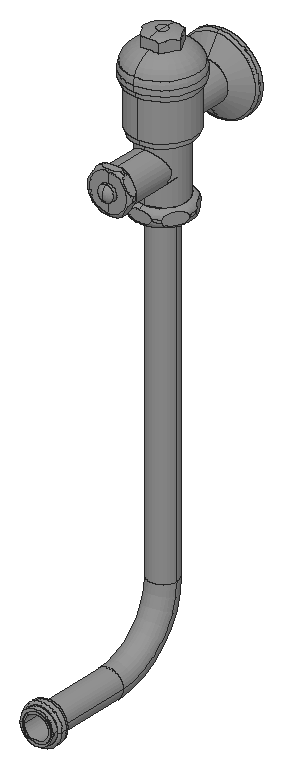
Revit family "LIXIL - FM2-100 N - COBRA FLUSH MASTER TOILET FLUSH VALVE", category Plumbing Fixtures, Revit 2023
Family settings
  Round Connector Dimension = Use Diameter
  Part Type = Normal
  OmniClass Number = 23.45.00.00
  OmniClass Title = Sanitary, Laundry, and Cleaning Equipment
  Work Plane-Based = No
  Enable Cutting in Views = No
  Always vertical = Yes
  Cut with Voids When Loaded = No
  Maintain Annotation Orientation = No
  Shared = Yes
  Room Calculation Point = No
Parameters (values of type "FM2-100 N")
  Product Specification = "Supplier: Lixil.\r\nProduct description: Exposed back entry. Non-hold open feature. With wall flange, integral vacuum breaker, and butterfly control inlet. With bent flush pipe and rubber pan connector. 1 1/4BSP female iron connection end. Recommended optimum design pressures: inlet flow pressure 30 - 300kPa for back entry WC pans: Maximum system pressure 600kPa.\r\nProduct Code: FFUUSBFM-0GT01\r\nSKU Code: FM2-100/N\r\nBarcode: 6002194021025\r\nBrand: Cobra\r\nRange: Flush Master\r\nCategory: Flush Valves\r\nSub-Category: Toilets\r\nColour: Chrome\r\nPackage Height: 80 mm\r\nPackage Width: 210 mm\r\nPackage Length: 400 mm\r\nPackage Volume: 6720000 mm³\r\nPackage Weight: 2.46 kg\r\n\r\nNotes:\r\n- Refer to manufacturer's and supplier's installation, maintenance and cleaning manual.\r\n- Refer to manufacturer's and supplier's guarantees and warrantees document."
  M _ RUBBER _ BLACK _ SOFT = M _ LIXIL - RUBBER - BLACK 01
  M _ FLUSH VALVE BODY = M _ LIXIL - CHROME 01
  M _ FLUSH PIPE _ CHROME = M _ LIXIL - CHROME 01
  Hosted on lixil.co.za = "https://www.lixil.co.za/item/cobra-flush-master-valve-flush-toilet-chrome-13"
  HEIGHT - 125MM - 415MM MAX = 350 mm
  Description = "Cobra Flush Master Toilet Flush Valve to detail and spec. See sanware schedule. Available from Lixil."
  Default Elevation = 0 mm
  DEPTH - 70MM - 140MM MAX = 140 mm
Reference planes
  plane 1 "Center (Front/Back)": y = 0
  plane 2: z = 0
  plane 3 "Center (Left/Right)": x = 0
  plane 4 "Center L/S": y = -207
  plane 5: z = 350
  plane 6: z = 391.656
  plane 7 "Center L/U": y = -67
Dimensions and locks
  "DEPTH - 70MM - 140MM MAX": plane 4 "Center L/S" to plane 7 "Center L/U"
  "HEIGHT - 125MM - 415MM MAX": level to plane 5
  locked: plane 6 to plane 5 at 41.656
  locked: plane 7 "Center L/U" to plane 1 "Center (Front/Back)" at 67
  locked: connector elem to plane 6 at 40.309
  aligned and locked: level to plane 2
  aligned and locked: level to nested 2
  aligned and locked: nested 2 to plane 7 "Center L/U"
  aligned and locked: plane 1 "Center (Front/Back)" to nested 1
  aligned and locked: plane 1 "Center (Front/Back)" to nested 3
  aligned and locked: plane 5 to nested 3
Nested families
  nested 1: "PLACEHOLDER" at (0, 0, -12.7), H <- "HEIGHT - 125MM - 415MM MAX", D <- "DEPTH - 70MM - 140MM MAX", type "01", detail levels coarse
    with W 70 mm, H 350 mm, D 140 mm
  nested 2: "Family1" at (0, -67, 0), type "Family1", detail levels medium+fine
    with HEIGHT - 125MM - 415MM MAX 350 mm
  nested 3: "BODY" at (0, -67, 350) x (0, 1, 0) z (0, 0, 1), type "BODY", detail levels medium+fine
Connectors
  piping at (-0.076, 0, 431.965), diameter 15
    settings: index 2, connector inside diameter 609.6 mm, connector length 0 mm, flow factor 0, pipe flow 0.0 L/s, pressure drop 0.0 Pa, fitting loss kfactor 0, connector angle 0.00°, fixture units 0, engagement length 0 mm, angle of deflection 0.00°, flow configuration 0, flow direction 0, fitting loss method 0, system type 20, joint type 0, gender type 0, connector reference index -1, connector utility 0, adjustable connector no, is connector primary yes, connector description ""
Definition of nested family "PLACEHOLDER"
  Parameters (values of type "01")
    W [instance] = 260.392 mm
    H [instance] = 470.882 mm
    Default Elevation = 0 mm
    D [instance] = 240.391 mm
  Reference planes
    plane 1 "Center (Front/Back)": y = 0
    plane 2: z = 0
    plane 3 "Center (Left/Right)": x = 0
    plane 4: y = -240.391
    plane 5: x = -130.196
    plane 6: x = 130.196
    plane 7: z = 470.882
    plane 8: z = 629.482
    plane 9: y = -307.391
  Forms (mm)
    Extrusion 1, solid
      sketch origin (0, 0, 0) x (1, 0, 0) y (0, 1, 0)
        loop
          line (-130.196, 0) -> (-130.196, -307.391) -> (130.196, -307.391) -> (130.196, 0) -> (-130.196, 0)
      from 0 to 629.482
  Dimensions and locks
    "D": plane 4 to plane 1 "Center (Front/Back)"
    equal spacing: plane 5, plane 3 "Center (Left/Right)", plane 6
    "W": plane 5 to plane 6
    "H": plane 7 to level
    locked: plane 8 to plane 7 at 158.6
    locked: plane 9 to plane 4 at 67
    aligned and locked: level to plane 2
    aligned and locked: Extrusion 1 sketch curve to plane 5
    aligned and locked: Extrusion 1 sketch curve to plane 1 "Center (Front/Back)"
    aligned and locked: Extrusion 1 sketch curve to plane 6
    aligned and locked: Extrusion 1 to level
    aligned and locked: plane 8 to Extrusion 1
    aligned and locked: Extrusion 1 sketch curve to plane 9
Definition of nested family "Family1"
  Parameters (values of type "Family1")
    RADIUS 01 = 60 mm
    M _ RUBBER _ BLACK _ SOFT = none
    M _ FLUSH PIPE _ CHROME = none
    HEIGHT - 125MM - 415MM MAX = 415 mm
    Default Elevation = 0 mm
    DEPTH - 70MM - 140MM MAX = 140 mm
  Reference planes
    plane 1 "Center (Front/Back)": y = 0
    plane 2: z = 0
    plane 3 "Center (Left/Right)": x = 0
    plane 4: z = 415
    plane 5: y = -140
  Forms (mm)
    Sweep 1, solid, material <- "M _ FLUSH PIPE _ CHROME"
      path origin (0, 0, 0) x (0, 1, 0) y (0, 0, 1)
        loop
          line (0, 415) -> (0, 60)
          arc (0, 60) -> (-17.574, 17.574) -> (-60, 0) r 60
          line (-60, 0) -> (-140, 0)
      profile origin (0, 0, 237.5) x (1, 0, 0) y (0, 1, 0)
        loop
          circle (0, 0) r 12.7
        loop
          circle (0, 0) r 10.7
  Dimensions and locks
    "DEPTH - 70MM - 140MM MAX": plane 1 "Center (Front/Back)" to plane 5
    "HEIGHT - 125MM - 415MM MAX": plane 4 to level
    "RADIUS 01": radius of Sweep 1 sketch curve
    aligned and locked: level to plane 2
    aligned and locked: plane 1 "Center (Front/Back)" to Sweep 1 sketch curve
    aligned and locked: level to Sweep 1 sketch curve
    aligned and locked: plane 5 to nested 1
    aligned and locked: plane 3 "Center (Left/Right)" to nested 1
  Automatic sketch dimensions
    Sweep 1 sketch curve to plane 3 "Center (Left/Right)" = 0 mm
    profile plane to Sweep 1 sketch curve = 0 mm
    Sweep 1 sketch curve to Sweep 1 sketch curve = 0 mm  (x2)
    Sweep 1 sketch curve to plane 5 = 0 mm
    Sweep 1 sketch curve to plane 4 = 0 mm
    radius of Sweep 1 sketch curve = 12.7 mm
    radius of Sweep 1 sketch curve = 10.7 mm
  Nested families
    nested 1: "RUBBER 02" at (0, -130.5, 0), type "01"
  Definition of nested family "RUBBER 02"
    Parameters (values of type "Family2")
      M _ RUBBER _ BLACK _ SOFT = none
      Default Elevation = 0 mm
    Reference planes
      plane 1 "Center (Front/Back)": y = 0
      plane 2: z = 0
      plane 3 "Center (Left/Right)": x = 0
      plane 4: y = 5.5
      plane 5: y = -5.5
      plane 6: z = 17.7
      plane 7: z = -17.7
    Forms (mm)
      Revolve 1, solid, material <- "M _ RUBBER _ BLACK _ SOFT"
        sketch origin (0, 5.5, 0) x (0, -1, 0) y (1, 0, 0)
          loop
            line (0, -12.7) -> (0, -13.504)
            arc (0, -13.504) -> (1.229, -16.471) -> (4.196, -17.7) r 4.196
            line (4.196, -17.7) -> (9, -17.7)
            arc (9, -17.7) -> (10.414, -17.114) -> (11, -15.7) r 2
            line (11, -15.7) -> (11, -14.7) -> (15, -14.7) -> (15, -12.7) -> (11, -12.7) -> (0, -12.7)
          axis (0, 0) -> (15, 0)
        angle from 0 to 360
    Dimensions and locks
      aligned and locked: level to plane 2
Definition of nested family "BODY"
  Parameters (values of type "BODY")
    M _ RUBBER _ BLACK _ SOFT = none
    M _ FLUSH VALVE BODY = none
    Default Elevation = 0 mm
  Reference planes
    plane 1 "Center (Front/Back)": y = 0
    plane 2: z = 0
    plane 3 "Center (Left/Right)": x = 0
    plane 4: z = 41.656
    plane 5: y = -115
    plane 6: y = -71
    plane 7: z = 81.871
    plane 8: x = -115
    plane 9: x = 108
  Forms (mm)
    Revolve 1, solid, material <- "M _ FLUSH VALVE BODY"
      sketch origin (0, 0, 0) x (1, 0, 0) y (0, 0, 1)
        loop
          line (0, 109.141) -> (-30, 109.141) -> (-30, 104.141) -> (-27.903, 104.141) -> (-27.903, 69.141) -> (-25.807, 69.141) -> (-25.807, 64.141) -> (-20, 64.141) -> (-20, 14.141) -> (0, 14.141) -> (0, 109.141)
        axis (0, 109.141) -> (0, 14.141)
      angle from 0 to 360
    Revolve 2, solid, material <- "M _ FLUSH VALVE BODY"
      sketch origin (0, 0, 218.282) x (1, 0, 0) y (0, 0, 1)
        loop
          line (0, -83.485) -> (-14.613, -83.485)
          arc (-14.613, -83.485) -> (-24.709, -88.263) -> (-30.92, -97.548) r 20.967
          line (-30.92, -97.548) -> (0, -97.548) -> (0, -83.485)
        axis (0, -97.548) -> (0, -83.485)
      angle from 0 to 360
    Extrusion 3, solid, material <- "M _ FLUSH VALVE BODY"
      sketch origin (0, 40, 71.777) x (-1, 0, 0) y (0, -1, 0)
        loop
          line (-14.289, 48.25) -> (-14.289, 31.75) -> (0, 23.5) -> (14.289, 31.75) -> (14.289, 48.25) -> (0, 56.5) -> (-14.289, 48.25)
      from 59.503 to 75.892
    Revolve 4, void
      sketch origin (-71, 0, 58.07) x (-1, 0, 0) y (0, 0, 1)
        loop
          line (-52.121, 83.392) -> (-52.121, 92.654) -> (-71, 92.654) -> (-71, 87.819) -> (-66, 87.819)
          arc (-66, 87.819) -> (-58.716, 86.686) -> (-52.121, 83.392) r 23.972
        axis (-71, 92.654) -> (-71, 83.392)
      angle from 0 to 360
    Revolve 5, solid, material <- "M _ FLUSH VALVE BODY"
      sketch origin (-29.742, 0, -95.834) x (-1, 0, 0) y (0, 0, 1)
        loop
          line (-29.742, 109.976) -> (-50.648, 109.976)
          arc (-50.648, 109.976) -> (-54.957, 108.19) -> (-56.742, 103.881) r 6.095
          line (-56.742, 103.881) -> (-56.742, 101.929)
          arc (-56.742, 101.929) -> (-54.957, 97.62) -> (-50.648, 95.834) r 6.095
          line (-50.648, 95.834) -> (-29.742, 95.834) -> (-29.742, 109.976)
        axis (-29.742, 109.976) -> (-29.742, 95.834)
      angle from 0 to 360
    Extrusion 6, void
      sketch origin (-282.166, -351.439, 0) x (0, 1, 0) y (-1, 0, 0)
        loop
          line (337.005, -257.166) -> (322.571, -282.166) -> (337.005, -307.166) -> (365.872, -307.166) -> (380.306, -282.166) -> (365.872, -257.166) -> (337.005, -257.166)
        loop
          circle (351.439, -282.166) r 34.38
      from 0 to 14.141
    Revolve 7, solid, material <- "M _ FLUSH VALVE BODY"
      sketch origin (160.361, 0, 52.128) x (0, 0, -1) y (-1, 0, 0)
        loop
          line (-64.742, 93.361) -> (-29.742, 93.361) -> (-29.742, 109.976) -> (-47.12, 109.976) -> (-63.314, 99.144)
          arc (-63.314, 99.144) -> (-64.363, 97.986) -> (-64.742, 96.47) r 3.217
          line (-64.742, 96.47) -> (-64.742, 93.361)
        axis (-29.742, 109.976) -> (-29.742, 93.361)
      angle from 0 to 360
    Revolve 8, solid, material <- "M _ FLUSH VALVE BODY"
      sketch origin (43.733, 0, 11.913) x (0, 0, -1) y (-1, 0, 0)
        loop
          line (-29.742, 102.005) -> (-37.39, 102.005) -> (-37.39, 104.271) -> (-46.535, 104.271)
          arc (-46.535, 104.271) -> (-48.656, 103.392) -> (-49.535, 101.271) r 3
          line (-49.535, 101.271) -> (-49.535, 98.834)
          arc (-49.535, 98.834) -> (-48.656, 96.713) -> (-46.535, 95.834) r 3
          line (-46.535, 95.834) -> (-29.742, 95.834) -> (-29.742, 102.005)
        axis (-29.742, 104.271) -> (-29.742, 95.834)
      angle from 0 to 360
    Extrusion 9, void
      sketch origin (-52.102, -351.439, -240.51) x (0, 1, 0) y (0, 0, -1)
        loop
          line (341.043, -264.16) -> (330.648, -282.166) -> (341.043, -300.171) -> (361.834, -300.171) -> (372.229, -282.166) -> (361.834, -264.16) -> (341.043, -264.16)
        loop
          circle (351.439, -282.166) r 24.761
      from 0 to 14.141
    Revolve 10, solid, material <- "M _ FLUSH VALVE BODY"
      sketch origin (-79.288, 0, 41.656) x (0, 0, -1) y (1, 0, 0)
        loop
          line (-16.296, 79.288) -> (-16.296, 27.209) -> (0, 27.209) -> (0, 79.288) -> (-16.296, 79.288)
        axis (0, 79.288) -> (0, 27.209)
      angle from 0 to 360
    Revolve 11, solid, material <- "M _ FLUSH VALVE BODY"
      sketch origin (-33.352, 0, 41.656) x (0, 0, -1) y (1, 0, 0)
        loop
          line (-7, -24.92) -> (-7, -29.92)
          arc (-7, -29.92) -> (-3.905, -32.471) -> (0, -33.385) r 8.802
          line (0, -33.385) -> (0, -24.92) -> (-7, -24.92)
        axis (0, -33.385) -> (0, -24.92)
      angle from 0 to 360
    Revolve 12, solid, material <- "M _ FLUSH VALVE BODY"
      sketch origin (-27.209, 0, 81.871) x (0, 0, -1) y (1, 0, 0)
        loop
          line (-17.271, 77.595) -> (-17.271, 27.209) -> (0, 27.209) -> (0, 77.595) -> (-17.271, 77.595)
        axis (0, 77.595) -> (0, 27.209)
      angle from 0 to 360
    Revolve 13, solid, material <- "M _ RUBBER _ BLACK _ SOFT"
      sketch origin (0, 0, 218.282) x (1, 0, 0) y (0, 0, 1)
        loop
          line (0, -109.141) -> (0, -97.548) -> (-30.92, -97.548)
          arc (-30.92, -97.548) -> (-31.716, -100.802) -> (-31.983, -104.141) r 20.967
          line (-31.983, -104.141) -> (-31.983, -109.141) -> (0, -109.141)
        axis (0, -109.141) -> (0, -97.548)
      angle from 0 to 360
  Cuts and joins
    Revolve 4 cuts Extrusion 3
    joined: Revolve 1, Revolve 2, Extrusion 3
    Extrusion 6 cuts Revolve 5
    Extrusion 9 cuts Revolve 8
  Dimensions and locks
    plane 4 to level = 41.656 mm
    plane 5 to plane 1 "Center (Front/Back)" = 115 mm
    plane 3 "Center (Left/Right)" to plane 8 = 115 mm
    locked: plane 9 to plane 3 "Center (Left/Right)" at 108
    aligned and locked: level to plane 2
  Nested families
    nested 1: "COBRA LOGO _ FACE BASED" at (-0.409, 0.182, 145.889) x (-1, 0, 0) z (0, 0, 1), type "01"
  Definition of nested family "COBRA LOGO _ FACE BASED"
    Parameters (values of type "01")
      Default Elevation = 1219.2 mm
    Reference planes
      plane 1 "Center (Front/Back)": y = 0
      plane 2: z = 0
      plane 3 "Center (Left/Right)": x = 0
    Forms (mm)
      Extrusion 1, solid
        sketch origin (0, 0, 0) x (1, 0, 0) y (0, 1, 0)
          loop
            line (-1219.2, 1219.2) -> (-1219.2, -1219.2) -> (1219.2, -1219.2) -> (1219.2, 1219.2) -> (-1219.2, 1219.2)
        from 0 to -304.8
    Lines and regions (mm)
      model lines
        curve 1: arc (-0.413, 0.586, 0) -> (-2.269, -3.026, 0) -> (1.792, -3.004, 0) r 2.375
        curve 2: arc (-0.413, 1.371, 0) -> (-4.565, -4.073, 0) -> (1.792, -6.615, 0) r 4.299
        curve 3: arc (-0.513, -0.251, 0) -> (3.543, -0.053, 0) -> (1.494, 3.454, 0) r 2.375
        curve 4: arc (-1.193, -0.643, 0) -> (5.597, -1.517, 0) -> (4.62, 5.259, 0) r 4.299
        curve 5: arc (0.262, 0.08, 0) -> (-1.938, 3.494, 0) -> (-3.95, -0.034, 0) r 2.375
        curve 6: arc (0.941, -0.312, 0) -> (-1.697, 6.006, 0) -> (-7.077, 1.771, 0) r 4.299
        curve 7: arc (-0.413, 1.371, 0) -> (-4.565, -4.073, 0) -> (1.792, -6.615, 0) r 4.299
        curve 8: arc (-0.413, 0.586, 0) -> (-2.269, -3.026, 0) -> (1.792, -3.004, 0) r 2.375
        curve 9: arc (-1.193, -0.643, 0) -> (5.597, -1.517, 0) -> (4.62, 5.259, 0) r 4.299
        curve 10: arc (-0.513, -0.251, 0) -> (3.543, -0.053, 0) -> (1.494, 3.454, 0) r 2.375
        curve 11: arc (0.941, -0.312, 0) -> (-1.697, 6.006, 0) -> (-7.077, 1.771, 0) r 4.299
        curve 12: line (-0.413, 1.371, 0) -> (-0.413, 0.586, 0)
        curve 13: line (-0.413, 0.586, 0) -> (-0.413, 1.371, 0)
        curve 14: line (1.792, -3.004, 0) -> (1.792, -6.615, 0)
        curve 15: line (1.792, -6.615, 0) -> (1.792, -3.004, 0)
        curve 16: line (-1.193, -0.643, 0) -> (-0.513, -0.251, 0)
        curve 17: line (-0.513, -0.251, 0) -> (-1.193, -0.643, 0)
        curve 18: line (1.494, 3.454, 0) -> (4.62, 5.259, 0)
        curve 19: line (4.62, 5.259, 0) -> (1.494, 3.454, 0)
        curve 20: line (0.941, -0.312, 0) -> (0.262, 0.08, 0)
        curve 21: line (0.262, 0.08, 0) -> (0.941, -0.312, 0)
        curve 22: line (-3.95, -0.034, 0) -> (-7.077, 1.771, 0)
        curve 23: line (-7.077, 1.771, 0) -> (-3.95, -0.034, 0)
        curve 24: arc (0.262, 0.08, 0) -> (-1.938, 3.494, 0) -> (-3.95, -0.034, 0) r 2.375
    Dimensions and locks
      aligned and locked: plane 2 to Extrusion 1
      aligned and locked: level to Extrusion 1
